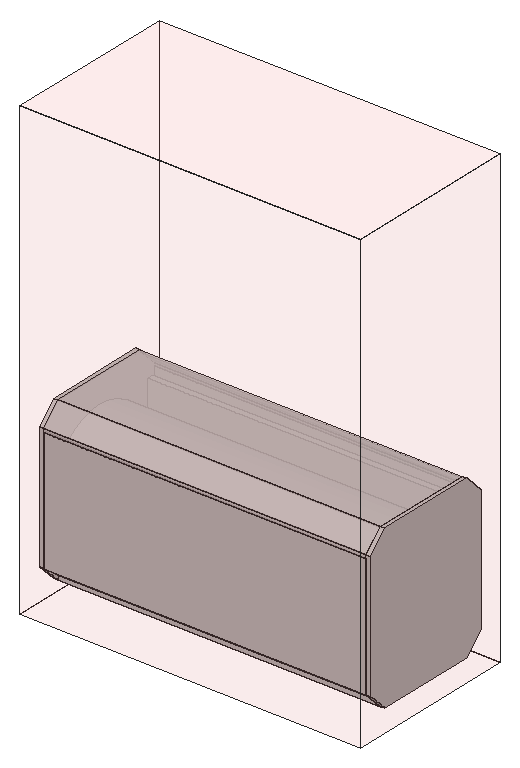
Revit family "Air-Curtain_Insect-Control_PoweredAire_BCE-BCT", category Mechanical Equipment, host Face, Revit 2022
Family settings
  Host = Face
  Round Connector Dimension = Use Diameter
  Part Type = Normal
  OmniClass Number = 23.75.35.17.21
  OmniClass Title = Air Curtains
  Cut with Voids When Loaded = No
  Maintain Annotation Orientation = No
  Shared = No
  Room Calculation Point = No
Parameters
  Warranty Duration (Years) = 0
  Unit Width Notes = "Other Widths available."  # constant formula
  Unit Width = 3' - 0"
  Unit Weight = 0
  Unit Height = 1' - 3"
  Unit Depth = 1' - 5 1/2"
  URL = "http://www.poweredaire.com/"
  Test Data = ""
  Standards Conformance = "as Specified"
  Specification = "http://www.arcat.com/sdspecs/htm04/23_34_33pai.htm"
  SpecWizard = ""
  Sound Pressure = "as Specified"
  Sales Information = "http://www.poweredaire.com/contact_us"
  Revision = "R1_2016-08"
  Projection from Host [instance] = 0' - 2"
  Product Properties = ""
  Product Data = "http://www.arcat.com/arcatcos/cos47/arc47623.html"
  Power Rating = 0 W
  Nozzle Width = if(1 = 1, Unit Width - 0' 1", 0' 0")  # 2' - 11"
  Mounting Width = if(1 = 1, Unit Width - 0' 0 15/16", 0' 0")  # 2' - 11 1/16"
  Mounting Height [instance] = 3' - 6"
  Motor RPM = 0
  Motor HP = 0
  Motor Count = 0
  Model = "As Specified"
  Max Height = 0' - 0"
  Manufacturer Website = "http://www.poweredaire.com/"
  Manufacturer Phone - Toll Free = "888-321-2473"
  Manufacturer Phone = "724-588-3305"
  Manufacturer Fax = "724-588-3371"
  Manufacturer Address = "109 Mortensen Rd.  Greenville, PA 16125"
  Manufacturer = "Powered Aire, Inc"
  Maintenance Schedule (Months) = 0
  Keynote = "23 34 33"
  Installation-Fabrication = ""
  Installation Phase = ""
  Include Clearance [instance] = yes
  Heating Element Load = 0 W
  HVAC_Temperature Rise = 0 °F
  HVAC_Outlet Volume = 0 CFM
  HVAC_Outlet Velocity Uniformity = 0
  HVAC_Outlet Velocity = 0 FPM
  Green Building-LEED = "http://www.arcat.com/green/clients/leed_data_47623.html"
  Front Grating Material [instance] = Metal - Steel - PoweredAire - Stainless 304 Perforated
  Frame Finish [instance] = Metal - Steel - PoweredAire - Stainless 304
  Expected Lifespan (Years) = 0
  Electrical_Wattage [instance] = Power Rating + Heating Element Load  # 0 W
  Electrical_Voltage [instance] = 0 V
  Electrical_Phase [instance] = 1
  Electrical_Frequency [instance] = 0 Hz
  Electrical_Amperage [instance] = 0 A
  Drawn By = "Sumex Design, Inc. / Robert S. Weygant, CSI, CDT, SCIP"
  Description = "Powered Aire Air Curtain as Specified"
  Default Elevation = 0' - 0"  # constant formula
  Copyright = "©Arcat Inc."
  Construction Details = "http://www.arcat.com/details/powair/prod3336.html"
  Clearance_Top [instance] = 0' - 2"
  Clearance_Side B [instance] = 0' - 0 1/2"
  Clearance_Side A [instance] = 0' - 0 1/2"
  Clearance_Intake [instance] = 2' - 6"
  Clearance_Bottom [instance] = 0' - 2"
  Clearance Material [instance] = ARCAT Clearance
  Building Codes = ""
  Available Options [instance] = "as Specified"
  Assembly Code = "D3090400"
Reference planes (in)
  plane 1 "Center (Elevation)": y = 0.13818
  plane 2: z = 0
  plane 3 "Center (Left/Right)": x = 0
  plane 4: y = 7.63818
  plane 5: y = -7.36182
  plane 6: x = -18
  plane 7: x = 18
  plane 8: z = 19.5
  plane 9 "FF": y = -41.86182
  plane 10: z = 2
  plane 11: x = 17.5
  plane 12: x = -17.5
  plane 13: y = 9.63818
  plane 14: y = -9.36182
  plane 15: x = -18.5
  plane 16: x = 18.5
  plane 17: z = 49.5
Forms (in)
  Extrusion 1, solid, material "Metal - Steel - PoweredAire - Stainless 304" <- "Frame Finish"
    sketch origin (0, 0, 0) x (0, 1, 0) y (0, 0, 1)
      loop
        line (5.69363, 2) -> (7.63818, 3.94454) -> (7.63818, 17.55546) -> (5.69363, 19.5) -> (-5.41728, 19.5) -> (-7.36182, 17.55546) -> (-7.36182, 3.94454) -> (-5.41728, 2) -> (5.69363, 2)
    from 17.5 to 18
  Extrusion 2, solid, material "Metal - Steel - PoweredAire - Stainless 304" <- "Frame Finish"
    sketch origin (0, 0, -0.5) x (0, 1, 0) y (0, 0, 1)
      loop
        circle (0.13818, 10.9739) r 6.25
      loop
        line (6.63818, 16.89427) -> (6.63818, 5.87829) -> (7.33849, 5.87829) -> (7.33849, 16.89427) -> (6.63818, 16.89427)
      loop
        line (-7.02798, 16.76927) -> (-7.02798, 5.75329) -> (-6.36182, 5.75329) -> (-6.36182, 16.76927) -> (-7.02798, 16.76927)
    from -17.5 to 17.5
  Extrusion 3, solid, material "Metal - Steel - PoweredAire - Stainless 304" <- "Frame Finish"
    sketch origin (0, 0, 0) x (0, 1, 0) y (0, 0, -1)
      loop
        line (5.69363, -2) -> (-5.41728, -2) -> (-7.36182, -3.94454) -> (-7.36182, -17.55546) -> (-5.41728, -19.5) -> (5.69363, -19.5) -> (7.63818, -17.55546) -> (7.63818, -3.94454) -> (5.69363, -2)
    from 17.5 to 18
  Extrusion 4, solid, material "Metal - Steel - PoweredAire - Stainless 304" <- "Frame Finish"
    sketch origin (0, 0, 0) x (0, 1, 0) y (0, 0, 1)
      loop
        line (-5.41728, 2) -> (5.69363, 2) -> (7.63818, 3.94454) -> (7.63818, 17.19454) -> (7.51318, 17.19454) -> (7.51318, 3.99632) -> (5.64186, 2.125) -> (-5.29228, 2.125) -> (-5.29228, 4.06954) -> (-7.23682, 4.06954) -> (-7.23682, 17.19454) -> (-7.36182, 17.19454) -> (-7.36182, 3.94454) -> (-5.41728, 3.94454) -> (-5.41728, 2)
      loop
        line (-6.64819, 3.61034) -> (-5.8702, 2.83235) -> (-5.74472, 2.95783) -> (-6.52271, 3.73583) -> (-6.64819, 3.61034)
    from -17.5 to 17.5
  Extrusion 5, solid, material "Metal - Steel - PoweredAire - Stainless 304 Perforated" <- "Front Grating Material"
    sketch origin (0, 0, 0) x (0, 1, 0) y (0, 0, 1)
      loop
        line (-7.36182, 17.19454) -> (-7.23682, 17.19454) -> (-7.23682, 17.50368) -> (-5.3655, 19.375) -> (5.64186, 19.375) -> (7.51318, 17.50368) -> (7.51318, 17.19454) -> (7.63818, 17.19454) -> (7.63818, 17.55546) -> (5.69363, 19.5) -> (-5.41728, 19.5) -> (-7.36182, 17.55546) -> (-7.36182, 17.19454)
    from -17.5 to 17.5
  Extrusion 6, solid, material "ARCAT Clearance" <- "Clearance Material", visible <- "Include Clearance"
    sketch origin (0, 0, 0) x (0, 1, 0) y (0, 0, 1)
      loop
        line (-9.36182, 49.5) -> (-9.36182, 0) -> (9.63818, 0) -> (9.63818, 49.5) -> (-9.36182, 49.5)
    from -18.5 to 18.5
Dimensions and locks (in)
  equal spacing: plane 4, plane 1 "Center (Elevation)", plane 5
  "Unit Height": plane 4 to plane 5
  equal spacing: plane 6, plane 3 "Center (Left/Right)", plane 7
  "Unit Width": plane 6 to plane 7
  "Mounting Height": plane 1 "Center (Elevation)" to plane 9 "FF"
  "Projection from Host": plane 10 to level
  "Unit Depth": plane 8 to plane 10
  locked: plane 6 to plane 12 at 0.5
  locked: plane 11 to plane 7 at 0.5
  "Clearance_Side A": plane 7 to plane 16
  "Clearance_Side B": plane 15 to plane 6
  "Clearance_Top": plane 13 to plane 4
  "Clearance_Bottom": plane 5 to plane 14
  "Clearance_Intake": plane 17 to plane 8
  aligned and locked: plane 2 to host face
  aligned and locked: level to host face
  aligned and locked: plane 7 to Extrusion 1
  aligned and locked: Extrusion 1 to plane 11
  aligned and locked: plane 12 to Extrusion 3
  aligned and locked: Extrusion 3 to plane 6
  aligned and locked: Extrusion 2 to plane 12
  aligned and locked: plane 11 to Extrusion 2
  aligned and locked: plane 11 to Extrusion 4
  aligned and locked: Extrusion 4 to plane 12
  aligned and locked: plane 11 to Extrusion 5
  aligned and locked: Extrusion 5 to plane 12
  aligned and locked: Extrusion 6 sketch curve to plane 17
  aligned and locked: plane 14 to Extrusion 6 sketch curve
  aligned and locked: level to Extrusion 6 sketch curve
  aligned and locked: Extrusion 6 sketch curve to plane 13
  aligned and locked: plane 16 to Extrusion 6
  aligned and locked: Extrusion 6 to plane 15
Automatic sketch dimensions
  host sketch curve to host sketch curve = 8' - 0"  (x2)
  Extrusion 1 sketch curve to plane 5 = 0' - 0"
  Extrusion 1 sketch curve to plane 8 = 0' - 0"
  Extrusion 1 sketch curve to plane 10 = 0' - 0"
  Extrusion 1 sketch curve to plane 4 = 0' - 0"
  plane 5 to Extrusion 1 sketch curve = 0' - 1.94454"  (x2)
  Extrusion 1 sketch curve to plane 4 = 0' - 1.94454"  (x2)
  plane 10 to Extrusion 1 sketch curve = 0' - 1.94454"  (x2)
  Extrusion 1 sketch curve to plane 8 = 0' - 1.94454"  (x2)
  Extrusion 2 sketch curve to plane 1 "Center (Elevation)" = 0' - 0"
  plane 5 to Extrusion 2 sketch curve = 0' - 1"
  plane 5 to Extrusion 2 sketch curve = 0' - 0.33384"
  Extrusion 2 sketch curve to plane 4 = 0' - 1"
  Extrusion 2 sketch curve to plane 4 = 0' - 0.29969"
  plane 10 to Extrusion 2 sketch curve = 0' - 3.37829"
  plane 10 to Extrusion 2 sketch curve = 0' - 3.25329"
  Extrusion 2 sketch curve to plane 8 = 0' - 9.0261"
  Extrusion 2 sketch curve to plane 8 = 0' - 3.23073"
  Extrusion 2 sketch curve to plane 8 = 0' - 3.10573"
  Extrusion 3 sketch curve to plane 5 = 0' - 0"
  Extrusion 3 sketch curve to plane 8 = 0' - 0"
  Extrusion 3 sketch curve to plane 10 = 0' - 0"
  Extrusion 3 sketch curve to plane 4 = 0' - 0"
  plane 5 to Extrusion 3 sketch curve = 0' - 1.94454"  (x2)
  Extrusion 3 sketch curve to plane 4 = 0' - 1.94454"  (x2)
  Extrusion 3 sketch curve to plane 8 = 0' - 1.94454"  (x2)
  plane 10 to Extrusion 3 sketch curve = 0' - 1.94454"  (x2)
  Extrusion 4 sketch curve to plane 5 = 0' - 0"
  Extrusion 4 sketch curve to plane 10 = 0' - 0"
  Extrusion 4 sketch curve to plane 4 = 0' - 0"
  plane 5 to Extrusion 4 sketch curve = 0' - 0 1/8"
  plane 5 to Extrusion 4 sketch curve = 0' - 0.71363"
  Extrusion 4 sketch curve to Extrusion 4 sketch curve = 0' - 0.12548"  (x2)
  Extrusion 4 sketch curve to Extrusion 4 sketch curve = 0' - 0.778"
  Extrusion 4 sketch curve to Extrusion 4 sketch curve = 0' - 0.32744"
  Extrusion 4 sketch curve to Extrusion 4 sketch curve = 0' - 0 1/8"  (x2)
  plane 10 to Extrusion 4 sketch curve = 0' - 0 1/8"
  Extrusion 4 sketch curve to plane 4 = 0' - 1.99632"
  Extrusion 4 sketch curve to Extrusion 4 sketch curve = 0' - 0.05178"  (x2)
  plane 10 to Extrusion 4 sketch curve = 0' - 0.83235"
  plane 10 to Extrusion 4 sketch curve = 0' - 1.94454"
  Extrusion 4 sketch curve to Extrusion 4 sketch curve = 0' - 0.3342"
  Extrusion 4 sketch curve to plane 4 = 0' - 0 1/8"
  Extrusion 4 sketch curve to plane 8 = 0' - 2.30546"  (x2)
  Extrusion 5 sketch curve to plane 5 = 0' - 0"
  Extrusion 5 sketch curve to plane 8 = 0' - 0"
  Extrusion 5 sketch curve to plane 4 = 0' - 0"
  plane 5 to Extrusion 5 sketch curve = 0' - 0 1/8"
  plane 5 to Extrusion 5 sketch curve = 0' - 1.94454"
  Extrusion 5 sketch curve to plane 8 = 0' - 0 1/8"
  Extrusion 5 sketch curve to Extrusion 5 sketch curve = 0' - 0.05178"  (x4)
  Extrusion 5 sketch curve to plane 4 = 0' - 1.99632"
  Extrusion 5 sketch curve to plane 8 = 0' - 1.94454"  (x2)
  Extrusion 5 sketch curve to Extrusion 5 sketch curve = 0' - 0 1/8"
  Extrusion 5 sketch curve to Extrusion 5 sketch curve = 0' - 0.30914"  (x2)
  radius of Extrusion 2 sketch curve = 0' - 6 1/4"
Connectors (in)
  electrical at (0, 7.63818, 10.56954), driven by "Electrical_Phase", driven by "Electrical_Voltage"
    settings: on Extrusion 4, index 1, voltage 0 V, apparent load 0 VA, apparent load phase1 0 VA, apparent load phase2 0 VA, apparent load phase3 0 VA, power factor 1, load classification "Motor", number of poles 1, system type 31, power factor state 1, is connector primary yes, connector utility no, sub classification motor no, connector description ""
